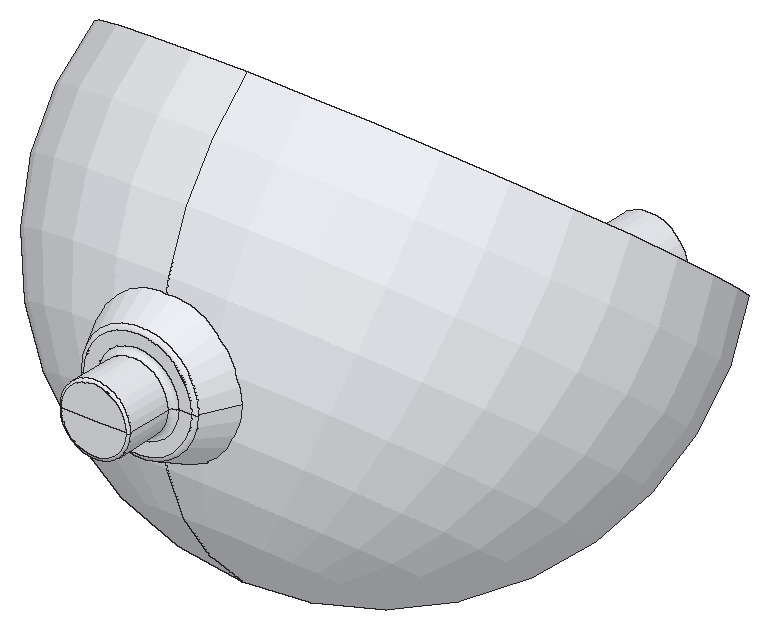
Revit family "Mictorio", category Plumbing Fixtures, host Face, Revit 2020
Family settings
  Host = Face
  Round Connector Dimension = Use Radius
  Part Type = Normal
  Cut with Voids When Loaded = No
  Shared = No
  Room Calculation Point = No
Parameters
  WFU = 0
  URL = ""
  Raio Água Fria = 7.5 mm  # constant formula
  Raio Ponto de Esgoto = 25 mm  # constant formula
  Model = ""
  Material_Mictorio = CT_Louças_Sanitárias
  Manufacturer = ""
  Flow Pressure = 0.00 psi
  Diâmetro Água Fria = Raio Água Fria * 2  # 15 mm
  Diâmetro Ponto de Esgoto = Raio Ponto de Esgoto * 2  # 50 mm
  Description = "Mictório"
  Default Elevation = 700 mm
  Código = ""
  CWFU = 0
  Assembly Code = ""
Reference planes
  plane 1 "Center (Front/Back)": y = -37.209
  plane 2: z = 0
  plane 3 "Center (Left/Right)": x = 0
  plane 4 "Bottom 1": y = -192.632
  plane 5 "Top 1": y = 262.5
  plane 6 "Front 1": z = 290
  plane 7 "Left 1": x = -190
  plane 8 "Right 1": x = 190
  plane 9 "Top 2": y = 412.791
  plane 10 "Bottom 2": y = -282.209
Forms (mm)
  Revolve 1, solid, material "CT_Louças_Sanitárias" <- "Material_Mictorio"
    sketch origin (0, -2.5, -2.5) x (0, 1, 0) y (0, 0, 1)
      loop
        line (-40.618, 268.723) -> (-64.131, 294.838)
        arc (-64.131, 294.838) -> (-138.455, 147.162) -> (-68.264, -2.521) r 189.112
        line (-68.264, -2.521) -> (-46.485, 24.879)
        arc (-46.485, 24.879) -> (-103.428, 148.241) -> (-40.618, 268.723) r 154.112
      axis (-68.264, -2.521) -> (78.182, 181.717)
    angle from 0 to 360
  Extrusion 2, solid, material "CT_Louças_Sanitárias" <- "Material_Mictorio"
    sketch origin (0, 0, 0) x (1, 0, 0) y (0, 1, 0)
      loop
        arc (-47.544, 249.939) -> (-60.732, 244.598) -> (-67.857, 232.281) r 21.903
        line (-67.857, 232.281) -> (-89.379, 122.5) -> (89.291, 122.5) -> (67.769, 232.281)
        arc (67.769, 232.281) -> (60.645, 244.598) -> (47.456, 249.939) r 21.903
        arc (47.456, 249.939) -> (-0.044, 251.221) -> (-47.544, 249.939) r 880.608
    from 0 to 15.5
  Extrusion 3, solid, material "CT_Louças_Sanitárias" <- "Material_Mictorio"
    sketch origin (0, -37.209, 0) x (1, 0, 0) y (0, 0, 1)
      loop
        circle (0, 40.558) r 25
    from -299.709 to -220.608
  Extrusion 4, solid, not visible
    sketch origin (0, -14.379, 0) x (1, 0, 0) y (0, 1, 0)
      loop
        circle (0, 427.17) r 7.5
    from -1.105 to 0
  Extrusion 5, solid, not visible
    sketch origin (-60.478, -139.379, 0) x (1, 0, 0) y (0, 1, 0)
      loop
        circle (60.478, -142.83) r 25
    from -4.992 to 0
  Extrusion 6, solid, material "CT_Louças_Sanitárias" <- "Material_Mictorio"
    sketch origin (0, 0, 0) x (1, 0, 0) y (0, 1, 0)
      loop
        circle (0, 55.187) r 115
    from 19.347 to 27.821
  Revolve 7, solid, material "CT_Louças_Sanitárias" <- "Material_Mictorio"
    sketch origin (-274.821, 0, 143.125) x (1, 0, 0) y (0, 1, 0)
      loop
        line (274.821, -130.621) -> (224.624, -130.621) -> (236.397, -154.759)
        arc (236.397, -154.759) -> (237.648, -156.225) -> (239.454, -156.9) r 3.85
        line (239.454, -156.9) -> (248.029, -156.9)
        arc (248.029, -156.9) -> (250.761, -158.031) -> (251.893, -160.764) r 3.864
        line (251.893, -160.764) -> (251.893, -191.043)
        arc (251.893, -191.043) -> (252.363, -192.177) -> (253.498, -192.647) r 1.605
        line (253.498, -192.647) -> (274.821, -192.647) -> (274.821, -130.621)
      axis (274.821, -130.621) -> (274.821, -192.647)
    angle from 0 to 360
Lines and regions (mm)
  Masking region 1
    outline origin (-407.418, 0, 0) x (1, 0, 0) y (0, 1, 0)
      loop
        line (338.938, 232.239) -> (334.834, 211.56)
        arc (334.834, 211.56) -> (282.83, 185.815) -> (242.275, 144.312) r 172.873
        arc (242.275, 144.312) -> (229.943, 121.337) -> (223.054, 96.187) r 116.015
        arc (223.054, 96.187) -> (242.118, -43.422) -> (353.28, -130.008) r 186.825
        arc (353.28, -130.008) -> (356.671, -131.601) -> (359.026, -134.515) r 8.362
        line (359.026, -134.515) -> (368.912, -154.785)
        arc (368.912, -154.785) -> (370.388, -156.424) -> (372.507, -157.032) r 4
        line (372.507, -157.032) -> (380.363, -157.032)
        arc (380.363, -157.032) -> (383.191, -158.203) -> (384.363, -161.032) r 4
        line (384.363, -161.032) -> (384.363, -191.632)
        arc (384.363, -191.632) -> (384.656, -192.339) -> (385.363, -192.632) r 1
        line (385.363, -192.632) -> (429.473, -192.632)
        arc (429.473, -192.632) -> (430.18, -192.339) -> (430.473, -191.632) r 1
        line (430.473, -191.632) -> (430.473, -161.032)
        arc (430.473, -161.032) -> (431.644, -158.203) -> (434.473, -157.032) r 4
        line (434.473, -157.032) -> (442.328, -157.032)
        arc (442.328, -157.032) -> (444.448, -156.424) -> (445.924, -154.785) r 4
        line (445.924, -154.785) -> (455.81, -134.515)
        arc (455.81, -134.515) -> (458.165, -131.601) -> (461.556, -130.008) r 8.362
        arc (461.556, -130.008) -> (572.718, -43.422) -> (591.782, 96.187) r 186.825
        arc (591.782, 96.187) -> (584.893, 121.337) -> (572.561, 144.312) r 116.015
        arc (572.561, 144.312) -> (532.006, 185.815) -> (480.002, 211.56) r 172.873
        line (480.002, 211.56) -> (475.898, 232.239)
        arc (475.898, 232.239) -> (468.644, 244.723) -> (455.254, 250.126) r 22.25
        arc (455.254, 250.126) -> (443.606, 250.669) -> (431.951, 251.059) r 890
        line (431.951, 251.059) -> (431.951, 252.883) -> (422.941, 261.892)
        arc (422.941, 261.892) -> (407.433, 262.518) -> (391.924, 261.922) r 197.255
        line (391.924, 261.922) -> (382.885, 252.883) -> (382.885, 251.059)
        arc (382.885, 251.059) -> (371.23, 250.669) -> (359.582, 250.126) r 890
        arc (359.582, 250.126) -> (346.192, 244.723) -> (338.938, 232.239) r 22.25
      loop
        circle (360.246, 229.005) r 5.34
      loop
        circle (454.926, 229.005) r 5.34
  Masking region 2
    outline origin (409.062, -37.209, -4.688) x (1, 0, 0) y (0, 0, 1)
      loop
        line (-535.042, 4.621) -> (-282.958, 4.621)
        arc (-282.958, 4.621) -> (-228.172, 86.916) -> (-224.04, 185.692) r 183.486
        arc (-224.04, 185.692) -> (-233.804, 216.38) -> (-253.738, 241.672) r 90.085
        arc (-253.738, 241.672) -> (-282.112, 262.944) -> (-314.215, 278.01) r 173.697
        arc (-314.215, 278.01) -> (-408.995, 294.111) -> (-503.775, 278.01) r 287.023
        arc (-503.775, 278.01) -> (-535.878, 262.944) -> (-564.252, 241.672) r 173.697
        arc (-564.252, 241.672) -> (-584.147, 216.453) -> (-593.929, 185.857) r 90.085
        arc (-593.929, 185.857) -> (-589.886, 86.986) -> (-535.042, 4.621) r 183.313
  Masking region 3
    outline origin (0, -800.002, 0) x (0, 1, 0) y (0, 0, 1)
      loop
        arc (684.695, 232.721) -> (676.317, 214.456) -> (669.489, 195.556) r 241.141
        arc (669.489, 195.556) -> (668.722, 193.968) -> (667.346, 192.864) r 4
        line (667.346, 192.864) -> (645.207, 182.066)
        arc (645.207, 182.066) -> (643.569, 180.591) -> (642.961, 178.471) r 4
        line (642.961, 178.471) -> (642.961, 170.615)
        arc (642.961, 170.615) -> (641.789, 167.787) -> (638.961, 166.615) r 4
        line (638.961, 166.615) -> (608.361, 166.615)
        arc (608.361, 166.615) -> (607.654, 166.323) -> (607.361, 165.615) r 1
        line (607.361, 165.615) -> (607.361, 121.505)
        arc (607.361, 121.505) -> (607.654, 120.798) -> (608.361, 120.505) r 1
        line (608.361, 120.505) -> (638.961, 120.505)
        arc (638.961, 120.505) -> (641.789, 119.334) -> (642.961, 116.505) r 4
        line (642.961, 116.505) -> (642.961, 108.65)
        arc (642.961, 108.65) -> (643.569, 106.53) -> (645.207, 105.055) r 4
        line (645.207, 105.055) -> (655.164, 100.198)
        arc (655.164, 100.198) -> (656.204, 99.36) -> (656.778, 98.153) r 3
        arc (656.778, 98.153) -> (681.138, 42.426) -> (724.715, 0) r 158.27
        line (724.715, 0) -> (1051.33, 0) -> (1051.33, 12.373)
        arc (1051.33, 12.373) -> (1052.123, 14.35) -> (1054.006, 15.345) r 3.094
        line (1054.006, 15.345) -> (1062.519, 24.799) -> (1060.894, 55.808) -> (1051.435, 64.325) -> (1022.831, 62.826)
        arc (1022.831, 62.826) -> (1021.535, 62.993) -> (1020.434, 63.698) r 2.984
        line (1020.434, 63.698) -> (735.881, 289.232)
        arc (735.881, 289.232) -> (734.055, 289.659) -> (732.307, 288.982) r 3.178
        line (732.307, 288.982) -> (707.17, 263.845)
        arc (707.17, 263.845) -> (694.701, 249.176) -> (684.757, 232.689) r 119.141
  symbolic lines
    curve 1: line (-24.533, 252.883, 0) -> (24.505, 252.883, 0)
    curve 2: arc (-0.391, 191.21, 0) -> (-64.807, 179.695, 0) -> (-119.524, 143.806, 0) r 163.232
    curve 3: arc (-119.524, 143.806, 0) -> (-144.298, 99.992, 0) -> (-142.634, 49.686, 0) r 93.058
    curve 4: arc (-88.821, -14.193, 0) -> (-121.923, 12.982, 0) -> (-142.843, 50.352, 0) r 115.461
    curve 5: arc (-88.821, -14.193, 0) -> (-46.03, -31.172, 0) -> (-0.391, -37.213, 0) r 187.49
    curve 6: arc (-0.391, 191.21, 0) -> (59.321, 181.483, 0) -> (111.389, 150.677, 0) r 163.232
    curve 7: arc (111.389, 150.677, 0) -> (140.972, 104.87, 0) -> (142.061, 50.352, 0) r 99.796
    curve 8: arc (88.04, -14.193, 0) -> (121.141, 12.982, 0) -> (142.061, 50.352, 0) r 115.461
    curve 9: arc (88.04, -14.193, 0) -> (45.248, -31.172, 0) -> (-0.391, -37.213, 0) r 187.49
    curve 10: arc (-142.634, 49.686, 0) -> (-139.239, 83.764, 0) -> (-124.011, 114.439, 0) r 95.256
    curve 11: arc (-124.011, 114.439, 0) -> (-68.292, 156.281, 0) -> (0, 170.126, 0) r 158.207
    curve 12: arc (-118.507, 120.581, 0) -> (-134.242, 76.46, 0) -> (-133.526, 29.622, 0) r 131.601
    curve 13: arc (-0.469, 165.647, 0) -> (-101.914, 104.142, 0) -> (-89.466, -13.837, 0) r 110.709
    curve 14: arc (142.061, 50.352, 0) -> (136.78, 89.462, 0) -> (116.1, 123.074, 0) r 95.256
    curve 15: arc (116.1, 123.074, 0) -> (62.905, 158.581, 0) -> (0, 170.126, 0) r 158.207
    curve 16: arc (116.1, 123.074, 0) -> (133.097, 77.678, 0) -> (132.507, 29.209, 0) r 131.601
    curve 17: arc (-0.469, 165.647, 0) -> (101.02, 104.053, 0) -> (88.405, -13.992, 0) r 110.709
    curve 18: line (-24.533, 251.022, 0) -> (-24.533, 221.653, 0)
    curve 19: line (24.533, 251.017, 0) -> (24.533, 221.653, 0)
    curve 20: arc (-71.963, 211.639, 0) -> (-43.397, 218.882, 0) -> (-14.153, 222.522, 0) r 236.9
    curve 21: line (-14.153, 222.522, 0) -> (-6.904, 221.761, 0)
    curve 22: arc (-6.904, 221.761, 0) -> (0.355, 220.631, 0) -> (7.602, 221.834, 0) r 23.137
    curve 23: arc (71.963, 211.639, 0) -> (43.397, 218.882, 0) -> (14.153, 222.522, 0) r 236.9
    curve 24: line (14.153, 222.522, 0) -> (7.602, 221.834, 0)
    curve 25: arc (-53.362, -130.216, 0) -> (0, -131.293, 0) -> (53.362, -130.216, 0) r 1322.364
    curve 26: arc (-185.813, 83.944, 0) -> (-173.199, 25.873, 0) -> (-136.506, -20.869, 0) r 132.699
    curve 27: arc (-136.506, -20.869, 0) -> (-72.087, -56.486, 0) -> (0.625, -67.944, 0) r 212.13
    curve 28: arc (186.902, 75.642, 0) -> (172.623, 22.144, 0) -> (137.756, -20.869, 0) r 132.699
    curve 29: arc (137.756, -20.869, 0) -> (73.337, -56.486, 0) -> (0.625, -67.944, 0) r 212.13
    curve 30: arc (-184.867, -37.209, 181.169) -> (-181.667, -37.209, 151.167) -> (-167.543, -37.209, 124.505) r 79.693
    curve 31: arc (-167.543, -37.209, 124.505) -> (-138.981, -37.209, 97.318) -> (-104.298, -37.209, 78.555) r 149.313
    curve 32: arc (-104.298, -37.209, 78.555) -> (-62.579, -37.209, 65.332) -> (-19.251, -37.209, 59.161) r 264.798
    curve 33: arc (-19.251, -37.209, 59.161) -> (-18.148, -37.209, 58.205) -> (-17.356, -37.209, 56.98) r 5.179
    curve 34: circle (0.063, -37.209, 39.042) r 25.217 normal (0, 1, 0)
    curve 35: arc (23.624, -37.209, 30.053) -> (26.612, -37.209, 20.105) -> (35.891, -37.209, 15.434) r 13.142
    curve 36: line (35.891, -37.209, 15.434) -> (75.204, -37.209, 15.434)
    curve 37: arc (75.204, -37.209, 15.434) -> (78.662, -37.209, 14.344) -> (80.87, -37.209, 11.467) r 6.029
    curve 38: line (80.87, -37.209, 11.467) -> (84.274, -37.209, -0.066)
    curve 39: arc (-23.498, -37.209, 30.053) -> (-26.487, -37.209, 20.105) -> (-35.765, -37.209, 15.434) r 13.142
    curve 40: line (-35.765, -37.209, 15.434) -> (-75.079, -37.209, 15.434)
    curve 41: arc (-75.079, -37.209, 15.434) -> (-78.537, -37.209, 14.344) -> (-80.745, -37.209, 11.467) r 6.029
    curve 42: line (-80.745, -37.209, 11.467) -> (-84.149, -37.209, -0.066)
    curve 43: arc (184.997, -37.209, 181.11) -> (181.783, -37.209, 151.139) -> (167.668, -37.209, 124.505) r 79.693
    curve 44: arc (167.668, -37.209, 124.505) -> (139.106, -37.209, 97.318) -> (104.423, -37.209, 78.555) r 149.313
    curve 45: arc (104.423, -37.209, 78.555) -> (62.704, -37.209, 65.332) -> (19.377, -37.209, 59.161) r 264.798
    curve 46: arc (19.377, -37.209, 59.161) -> (18.274, -37.209, 58.205) -> (17.481, -37.209, 56.98) r 5.179
    curve 47: spline (-142.44, -37.209, 151.771) -> (-137.151, -37.209, 173.7) -> (-122.678, -37.209, 194.08) -> (-99.99, -37.209, 211.547) -> (-70.605, -37.209, 224.931) -> (-36.491, -37.209, 233.337) -> (0.07, -37.209, 236.202) -> (36.631, -37.209, 233.334) -> (70.744, -37.209, 224.926) -> (100.126, -37.209, 211.54) -> (122.811, -37.209, 194.072) -> (137.28, -37.209, 173.691) -> (142.565, -37.209, 151.762)
    curve 48: arc (-142.454, -37.209, 151.803) -> (-145.854, -37.209, 168.893) -> (-144.31, -37.209, 186.25) r 61.329
    curve 49: arc (-72.824, -37.209, 250.712) -> (-36.879, -37.209, 259.745) -> (0.063, -37.209, 262.731) r 224.179
    curve 50: arc (-144.31, -37.209, 186.25) -> (-134, -37.209, 208.025) -> (-117.673, -37.209, 225.741) r 79.963
    curve 51: arc (-117.673, -37.209, 225.741) -> (-96.369, -37.209, 240.24) -> (-72.824, -37.209, 250.712) r 144.08
    curve 52: arc (142.565, -37.209, 151.762) -> (145.978, -37.209, 168.871) -> (144.435, -37.209, 186.25) r 61.329
    curve 53: arc (72.95, -37.209, 250.712) -> (37.005, -37.209, 259.745) -> (0.063, -37.209, 262.731) r 224.179
    curve 54: arc (144.435, -37.209, 186.25) -> (134.126, -37.209, 208.025) -> (117.798, -37.209, 225.741) r 79.963
    curve 55: arc (117.798, -37.209, 225.741) -> (96.495, -37.209, 240.24) -> (72.95, -37.209, 250.712) r 144.08
    curve 56: arc (-142.454, -37.209, 151.803) -> (-122.732, -37.209, 123.446) -> (-94.375, -37.209, 103.723) r 97.712
    curve 57: arc (-94.375, -37.209, 103.723) -> (-48.402, -37.209, 87.578) -> (0.063, -37.209, 82.541) r 208.534
    curve 58: arc (142.58, -37.209, 151.803) -> (122.857, -37.209, 123.446) -> (94.5, -37.209, 103.723) r 97.712
    curve 59: arc (94.5, -37.209, 103.723) -> (48.527, -37.209, 87.578) -> (0.063, -37.209, 82.541) r 208.534
    curve 60: circle (-15.311, -37.209, 165.856) r 3.25 normal (0, -1, 0)
    curve 61: circle (0.063, -37.209, 172.247) r 3.25 normal (0, -1, 0)
    curve 62: circle (0.063, -37.209, 150.492) r 3.25 normal (0, -1, 0)
    curve 63: circle (0.063, -37.209, 128.746) r 3.25 normal (0, -1, 0)
    curve 64: circle (-15.341, -37.209, 135.086) r 3.25 normal (0, -1, 0)
    curve 65: circle (-21.733, -37.209, 150.496) r 3.25 normal (0, -1, 0)
    curve 66: circle (15.437, -37.209, 165.856) r 3.25 normal (0, 1, 0)
    curve 67: circle (15.466, -37.209, 135.086) r 3.25 normal (0, 1, 0)
    curve 68: circle (21.858, -37.209, 150.496) r 3.25 normal (0, 1, 0)
    curve 69: circle (0.063, -37.209, 40.194) r 15.5 normal (0, -1, 0)
    curve 70: line (0, 220.432, 63.698) -> (0, 221.813, 62.619)
    curve 71: arc (0, 221.813, 62.619) -> (0, 222.497, 61.043) -> (0, 221.925, 59.423) r 2.349
    curve 72: line (0, 221.925, 59.423) -> (0, 182.189, 0.01)
    curve 73: line (0, 254.005, 15.345) -> (0, 251.444, 64.198)
    curve 74: line (-27.664, -157.032, 0) -> (26.446, -157.032, 0)
    curve 75: arc (0, -63.678, 0) -> (0, -104.821, 44.622) -> (0, -129.603, 100.026) r 188.009
    curve 76: line (0, -129.603, 100.026) -> (0, -130.512, 195.556)
    curve 77: line (0, -157.041, 116.505) -> (0, -157.041, 170.615)
Dimensions and locks
  plane 7 "Left 1" to plane 8 "Right 1" = 380 mm
  plane 8 "Right 1" to plane 7 "Left 1" = 380 mm
  plane 6 "Front 1" to host face = 290 mm  (x2)
  plane 9 "Top 2" to plane 1 "Center (Front/Back)" to plane 10 "Bottom 2" = 450 mm, 245 mm
  plane 4 "Bottom 1" to plane 5 "Top 1" to plane 9 "Top 2" = 455.132 mm, 150.291 mm
  plane 10 "Bottom 2" to plane 1 "Center (Front/Back)" = 245 mm
  plane 1 "Center (Front/Back)" to plane 9 "Top 2" = 450 mm
  plane 4 "Bottom 1" to plane 5 "Top 1" = 455.132 mm
  plane 5 "Top 1" to plane 9 "Top 2" = 150.291 mm
  aligned and locked: host face to plane 2
  aligned and locked: level to host face
Connectors
  piping at (0, 412.791, 0), diameter 15, driven by "Flow Pressure", driven by "CWFU", driven by "Raio Água Fria"
    settings: on Extrusion 4, index 1, connector inside diameter 0.59055", connector length 0 mm, flow factor 0, pipe flow 0 GPM, pressure drop 0.00 psi, fitting loss kfactor 0, connector angle 0.00°, fixture units 0, engagement length 0 mm, angle of deflection 0.00°, flow configuration 3, flow direction 1, fitting loss method 4, system type 20, joint type 0, gender type 0, connector reference index -1, connector utility 0, adjustable connector no, is connector primary yes, connector description ""
  piping at (0, -282.209, 0), diameter 50, driven by "Raio Ponto de Esgoto", driven by "Flow Pressure", driven by "WFU"
    settings: on Extrusion 5, index 2, connector inside diameter 1.9685", connector length 0 mm, flow factor 0, pipe flow 0 GPM, pressure drop 0.00 psi, fitting loss kfactor 0, connector angle 0.00°, fixture units 0, engagement length 0 mm, angle of deflection 0.00°, flow configuration 3, flow direction 2, fitting loss method 0, system type 16, joint type 0, gender type 0, connector reference index -1, connector utility 0, adjustable connector no, is connector primary no, connector description ""
